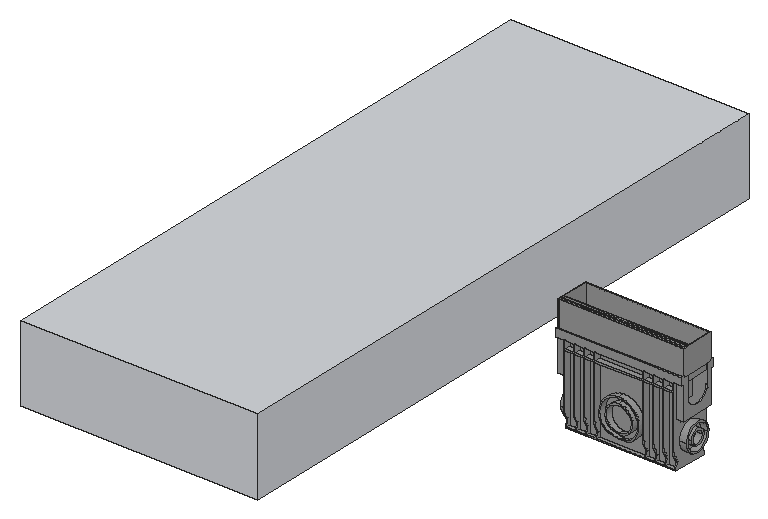
Revit family "PLASTIC SAND TRAP BASE DN100 Slot Drain", category Оборудование, Revit 2019
Family settings
  Основа = Грань
  Размер круглого соединителя = Использовать диаметр
  Тип детали = Нормальный
  При загрузке вырезать с полостями = Нет
  Общий = Да
  Точка расчета площади = Нет
Parameters (values of type "8087")
  Height a Slot Drain (only for 2097-1T-60-100) [instance] = 80 mm
  Slot Drain Revision [instance] = L-type H100 A15 : 209875-L-100 Plastic
  no = No : No
  lattice [instance] = if(Slot Drain Revision = A01, G01, if(Slot Drain Revision = A02, G02, if(Slot Drain Revision = A03, G03, if(Slot Drain Revision = A04, G04, if(Slot Drain Revision = A05, G05, if(Slot Drain Revision = A06, G06, if(Slot Drain Revision = A07, G07, if(Slot Drain Revision = A08, G08, if(Slot Drain Revision = A09, G09, if(Slot Drain Revision = A10, G10, if(Slot Drain Revision = A11, G11, if(Slot Drain Revision = A12, G12, no))))))))))))  # Slot drain Revision L-type H100 for channel Base DN100 plastic A15 : 209875-L-100
  V1G = yes
  G12 = Slot drain Revision L-type H100 for channel Base DN100 plastic A15 : 209975-L-100
  G11 = Slot drain Revision L-type H100 for channel Base DN100 plastic A15 : 209875-L-100
  G10 = Slot drain Revision L-type H25 for channel Base DN100 plastic A15 : 209875-L-25
  G09 = Slot Drain Revision T-type H60-100 for Base DN100 Channel A15-C250 : 20975-1T-60-100
  G08 = Slot Drain Revision T-type H25 for Base DN100 Channel A15 : 20975-1T-25-40
  G07 = Slot Drain Revision T-type H25 for Base DN100 Channel A15 : 20175-1T-25-40
  G06 = Slot Drain Revision T-type H25 Base DN100 Channel A15 : 20975-1T-25
  G05 = Slot Drain Revision T-type H25 Base DN100 Channel A15 : 20175-1T-25
  G04 = Slot Drain Revision T-type H100 Base DN100 Channel A15-C250 : 20975-1T-100
  G03 = Slot Drain Revision T-type H100 Base DN100 Channel A15-C250 : 20175-1T-100
  G02 = Slot Drain Revision L-type H100 Base DN100 Channel A15-C250 : 20975-1L-100
  G01 = Slot Drain Revision L-type H100 Base DN100 Channel A15-C250 : 20175-1L-100
  Dp50 = Dp : 50
  ConnectorFront = TC : Front
  ConnectorRight = TC : Right
  ConnectorLeft = TC : Left
  ConnectorBack = TC : Back
  Connection [instance] = TC : Back
  Channel = Plastic sand trap Base DN100 : 8080
  Connector angle [instance] = if(Connection = ConnectorLeft, 90.00°, if(Connection = ConnectorRight, 270.00°, if(Connection = ConnectorFront, 180.00°, if(Connection = ConnectorBack, 0.00°, 0.00°))))  # 0.00°
  Tray sinking [instance] = if(or(Slot Drain Revision = A01, Slot Drain Revision = A02, Slot Drain Revision = A03, Slot Drain Revision = A04, Slot Drain Revision = A11, Slot Drain Revision = A12), 100 mm, if(or(Slot Drain Revision = A05, Slot Drain Revision = A06, Slot Drain Revision = A07, Slot Drain Revision = A08, Slot Drain Revision = A10), 25 mm, if([Height a Slot Drain (only for 2097-1T-60-100)] < 60 mm, 60 mm, if([Height a Slot Drain (only for 2097-1T-60-100)] > 100 mm, 100 mm, [Height a Slot Drain (only for 2097-1T-60-100)]))))  # 100 mm
  Cap right [instance] = no
  Cap left [instance] = no
  Pipe diameter [instance] = Dp : 110
  Группа модели = "Linear drainage"  # constant formula
  L_line [instance] = if(or(Connection = ConnectorRight, Connection = ConnectorLeft), 78 mm, 250 mm)  # 250 mm
  H_Connector [instance] = if(or(Connection = ConnectorRight, Connection = ConnectorLeft), 250 mm, if(Connection = ConnectorFront, 249.5 mm, if(Connection = ConnectorBack, 282 mm, 0 mm)))  # 282 mm
  Dp160 = Dp : 160
  Dp110 = Dp : 110
  Dp [instance] = if(and(Pipe diameter = Dp160, or(Connection = ConnectorLeft, Connection = ConnectorRight)), 160 mm, if(and(or(Pipe diameter = Dp110, Pipe diameter = Dp50), or(Connection = ConnectorLeft, Connection = ConnectorRight)), 110 mm, if(and(Pipe diameter = Dp50, or(Connection = ConnectorBack, Connection = ConnectorFront)), 50 mm, 110 mm)))  # 110 mm
  CutUp [instance] = ADSK_Dimension_Height + Tray sinking  # 450 mm
  CutDown [instance] = -CutUp  # -450 mm
  Default Elevation = 0 mm
  W2 = 156 mm  # constant formula
  W1 = 160 mm  # constant formula
  Basket [instance] = yes
  ADSK_Weight = 2.6
  ADSK_Unit = "pcs"  # constant formula
  ADSK_Sealant = 11
  ADSK_Product code = "8087"
  ADSK_Position [instance] = ""
  ADSK_Name = "Plastic sand trap Base DN100 H350 reinforced"
  ADSK_Material_Name = "Plastic"  # constant formula
  ADSK_Manufacturer = "Vodaland"  # constant formula
  ADSK_Load class = "C250"
  ADSK_Dimension_Width = 156 mm  # constant formula
  ADSK_Dimension_Lenght = 500 mm
  ADSK_Dimension_Height = 350 mm
  ADSK_Dimension_Diameter = 100 mm  # constant formula
  ADSK_Annotation [instance] = ""
  A12 = L-type H100 A15 : 209975-L-100 Stainless steel
  A11 = L-type H100 A15 : 209875-L-100 Plastic
  A10 = L-type H25 A15 : 209875-L-25 Plastic
  A09 = T-type H60-100 A15-C250 : 20975-1T-60-100 Stainless steel
  A08 = T-type H25 shifted A15 : 20975-1T-25-40 Stainless steel
  A07 = T-type H25 shifted A15 : 20175-1T-25-40 Galvanized Steel
  A06 = T-type H25 A15 : 20975-1T-25 Stainless steel
  A05 = T-type H25 A15 : 20175-1T-25 Galvanized Steel
  A04 = T-type H100 A15-C250 : 20975-1T-100 Stainless steel
  A03 = T-type H100 A15-C250 : 20175-1T-100 Galvanized Steel
  A02 = L-type H100 A15-C250 : 20975-1L-100 Stainless steel
  A01 = L-type H100 A15-C250 : 20175-1L-100 Galvanized Steel
Types (2, lengths in mm): name | CutUp | CutDown | ADSK_Product code | ADSK_Name | ADSK_Dimension_Height
  8080 | 500 | -500 | "8080" | "Plastic sand trap Base DN100 H500" | 400
  8087 | 450 | -450 | "8087" | "Plastic sand trap Base DN100 H350 reinforced" | 350
Reference planes
  plane 1 "По центру (Вперед/Назад)": y = 0
  plane 2: z = 0
  plane 3 "По центру (Влево/Вправо)": x = 0
  plane 4: x = 500
  plane 5: y = 78
  plane 6: y = -78
  plane 7: x = 250
  plane 8: z = -100
  plane 9 "Down": z = -450
  plane 10 "middle": z = -382
Forms (mm)
  Extrusion 1, solid
    sketch origin (0, 0, 0) x (1, 0, 0) y (0, 1, 0)
      loop
        line (-1219.2, 1219.2) -> (-1219.2, -1219.2) -> (-273.066, -1219.2) -> (-273.066, 1219.2) -> (-1219.2, 1219.2)
    from 0 to -304.8
Lines and regions (mm)
  reference lines
    curve 1: line (0, 0, -382) -> (250, 0, -382)
Dimensions and locks
  equal spacing: plane 5, plane 1 "По центру (Вперед/Назад)", plane 6
  "ADSK_Dimension_Width": plane 5 to plane 6
  "ADSK_Dimension_Lenght": plane 3 "По центру (Влево/Вправо)" to plane 4
  equal spacing: plane 3 "По центру (Влево/Вправо)", plane 7, plane 4
  plane 7 to plane 4 = 250 mm
  plane 3 "По центру (Влево/Вправо)" to plane 7 = 250 mm
  "Tray sinking": plane 2 to plane 8
  "CutUp": plane 2 to plane 9 "Down"
  "L_line": curve 1 to curve 1
  "H_Connector": plane 8 to plane 10 "middle"
  "Connector angle": angle plane 1 "По центру (Вперед/Назад)" to curve 1
  aligned and locked: plane 2 to Extrusion 1
  aligned and locked: level to Extrusion 1
  aligned and locked: plane 7 to curve 1
  aligned and locked: nested 1 to curve 1
  aligned and locked: plane 8 to nested 2
  aligned and locked: plane 8 to nested 4
  aligned and locked: plane 8 to nested 5
  aligned and locked: plane 8 to nested 6
Automatic sketch dimensions
  Extrusion 1 sketch curve to Extrusion 1 sketch curve = 946.134 mm
  Extrusion 1 sketch curve to Extrusion 1 sketch curve = 2438.4 mm
  plane 1 "По центру (Вперед/Назад)" to curve 1 = 0 mm
Nested families
  nested 1: "Slot drain Revision L-type H100 for channel Base DN100 plastic A15" at (250, 0, 0), type <- "lattice", ADSK_Dimension_Height <- "Tray sinking", type "209875-L-100"
    with np 0 mm, nm 0 mm, kp 0 mm, km 0 mm, H 105 mm, ADSK_Position "", ADSK_Dimension_Height 100 mm, ADSK_Annotation ""
  nested 2: "Plastic sand trap Base DN100" at (250, 0, -100), type <- "Channel", type "8080"
  nested 3: "Sealant" at (-40, 540, 0), Sealant <- "ADSK_Sealant", type "Sealant"
    with Sealant 11, ADSK_Sealant 0
  nested 4: "Plastic end cap-adapter floating DN100" at (505, 0, -59) x (-1, 0, 0) z (0, 0, 1), visible <- "Cap right", type "68018"
  nested 5: "Plastic end cap-adapter floating DN100" at (-5, 0, -59), visible <- "Cap left", type "68018"
  nested 6: "Basket DN100" at (253.5, 0, -100), visible <- "Basket", type "68091"
    with ADSK_Position "", ADSK_Annotation ""
Connectors
  piping at (0, 0, -382), diameter 110, driven by "Dp"
    settings: on curve 1, index 1, connector inside diameter 609.6 mm, connector length 0 mm, flow factor 0, pipe flow 0.0 L/s, pressure drop 0.0 Pa, fitting loss kfactor 0, connector angle 0.00°, fixture units 0, engagement length 0 mm, angle of deflection 0.00°, flow configuration 0, flow direction 2, fitting loss method 0, system type 7, joint type 0, gender type 0, connector reference index -1, connector utility 0, adjustable connector no, is connector primary yes, connector description ""
Definition of nested family "Slot drain Revision L-type H100 for channel Base DN100 plastic A15"
  Parameters (values of type "209875-L-100")
    np [instance] = 0 mm
    nm [instance] = 0 mm
    kp [instance] = 0 mm
    km [instance] = 0 mm
    W1 = 140 mm  # constant formula
    Model = "Linear drainage"  # constant formula
    Material = none
    L = 500 mm
    H [instance] = ADSK_Dimension_Height + 5 mm  # 105 mm
    ADSK_Weight = 0.4
    ADSK_Unit = "pcs"  # constant formula
    ADSK_Product code = "209875-L-100"
    ADSK_Position [instance] = ""
    ADSK_Name = "Сomposite revision of slot plastic drain L-type H100 for channel Base DN100 A15"
    ADSK_Material_Name = "Plastic"
    ADSK_Manufacturer = "Vodaland"  # constant formula
    ADSK_Load class = "C250"
    ADSK_Dimension_Width = 136 mm  # constant formula
    ADSK_Dimension_Lenght = 449 mm
    ADSK_Dimension_Height [instance] = 100 mm
    ADSK_Annotation [instance] = ""
  Types (2, lengths in mm): name | ADSK_Product code | ADSK_Name | ADSK_Material_Name | ADSK_Load class
    209875-L-100 | "209875-L-100" | "Сomposite revision of slot plastic drain L-type H100 for channel Base DN100 A15" | "Plastic" | "C250"
    209975-L-100 | "209975-L-100" | "Stainless steel revision of slot plastic drain L-type H100 for channel Base DN100 A15-C250" | "Stainless steel" | "A15"
  Reference planes
    plane 1 "По центру (Вперед/Назад)": y = 0
    plane 2: z = 0
    plane 3 "По центру (Влево/Вправо)": x = 0
    plane 4: y = 68
    plane 5: y = -68
    plane 6: z = -105
    plane 7: x = -250
    plane 8: x = 250
    plane 9: x = 250
    plane 10: x = -250
    plane 11: x = -250
    plane 12: x = 250
    plane 13: x = -250
    plane 14: x = 250
    plane 15: y = 70
    plane 16: y = -70
  Forms (mm)
    Extrusion 1, solid, material <- "Material", detail levels medium+fine
      sketch origin (0, 0, 0) x (0, 1, 0) y (0, 0, 1)
        loop
          line (-68, -105) -> (68, -105) -> (68, -103) -> (-40.875, -103) -> (-40.875, 0) -> (-57.875, 0) -> (-57.875, -103) -> (-68, -103) -> (-68, -105)
      from -250 to 250
    Extrusion 2, void
      sketch origin (0, 0, 0) x (1, 0, 0) y (0, 1, 0)
        loop
          line (-2.875, -44.196) -> (-247.25, -44.196) -> (-247.25, -54.554) -> (-2.875, -54.554) -> (-2.875, -44.196)
        loop
          line (2.875, -44.196) -> (2.875, -54.554) -> (247.25, -54.554) -> (247.25, -44.196) -> (2.875, -44.196)
      from -200 to 100
    Extrusion 3, solid, material <- "Material", detail levels medium+fine
      sketch origin (0, 0, 0) x (1, 0, 0) y (0, 0, 1)
        loop
          line (247.25, -105) -> (245.25, -105) -> (245.25, -130) -> (247.25, -130) -> (247.25, -105)
        loop
          line (1, -105) -> (-1, -105) -> (-1, -130) -> (1, -130) -> (1, -105)
        loop
          line (-247.25, -105) -> (-247.25, -130) -> (-245.25, -130) -> (-245.25, -105) -> (-247.25, -105)
      from -47 to 47
    Extrusion 4, void
      sketch origin (0, 0, 0) x (1, 0, 0) y (0, 1, 0)
        loop
          line (-250, 70) -> (-435.805, 70) -> (-435.805, -70) -> (-250, -70) -> (-250, 70)
      from -200 to 100
    Extrusion 5, void
      sketch origin (0, 0, 0) x (1, 0, 0) y (0, 1, 0)
        loop
          line (250, 70) -> (250, -70) -> (484.759, -70) -> (484.759, 70) -> (250, 70)
      from -200 to 100
    Extrusion 6, solid, material <- "Material", detail levels medium+fine
      sketch origin (0, 0, 0) x (1, 0, 0) y (0, 1, 0)
        loop
          line (-250, 68) -> (-250, -70) -> (250, -70) -> (250, 68) -> (-250, 68)
        loop
          line (-247.25, -68) -> (247.25, -68) -> (247.25, 64.75) -> (-247.25, 64.75) -> (-247.25, -68)
      from -103 to 0
    Extrusion 7, solid, detail levels coarse
      sketch origin (0, 0, 0) x (1, 0, 0) y (0, 1, 0)
        loop
          line (-250, 68) -> (-250, -68) -> (250, -68) -> (250, 68) -> (-250, 68)
      from -105 to 0
  Cuts and joins
    Extrusion 2, Extrusion 4, Extrusion 5 cuts Extrusion 1
    Extrusion 4, Extrusion 5 cuts Extrusion 3
    joined: Extrusion 1, Extrusion 3, Extrusion 6
    Extrusion 4, Extrusion 5 cuts Extrusion 7
  Dimensions and locks
    equal spacing: plane 4, plane 1 "По центру (Вперед/Назад)", plane 5
    "ADSK_Dimension_Width": plane 4 to plane 5
    "H": plane 2 to plane 6
    Extrusion 1 sketch curve to Extrusion 1 sketch curve = 17 mm
    equal spacing: Extrusion 1 sketch curve, Extrusion 1 sketch curve, plane 1 "По центру (Вперед/Назад)"
    equal spacing: plane 7, plane 3 "По центру (Влево/Вправо)", plane 8
    "L": plane 7 to plane 8
    equal spacing: plane 11, plane 3 "По центру (Влево/Вправо)", plane 12
    "L": plane 11 to plane 12
    equal spacing: plane 15, plane 1 "По центру (Вперед/Назад)", plane 16
    "W1": plane 15 to plane 16
    "np": plane 11 to plane 10
    "nm": plane 11 to plane 13
    "km": plane 9 to plane 12
    "kp": plane 14 to plane 12
    Extrusion 1 sketch curve to plane 5 = 10.125 mm
    plane 3 "По центру (Влево/Вправо)" to Extrusion 3 sketch curve = 1 mm
    aligned and locked: level to plane 2
    aligned and locked: Extrusion 1 sketch curve to plane 5
    aligned and locked: plane 4 to Extrusion 1 sketch curve
    aligned and locked: Extrusion 1 sketch curve to plane 6
    aligned and locked: Extrusion 4 sketch curve to plane 15
    aligned and locked: Extrusion 4 sketch curve to plane 16
    aligned and locked: plane 15 to Extrusion 5 sketch curve
    aligned and locked: plane 16 to Extrusion 5 sketch curve
    aligned and locked: plane 5 to Extrusion 7 sketch curve
    aligned and locked: Extrusion 7 sketch curve to plane 4
    aligned and locked: Extrusion 7 sketch curve to plane 8
    aligned and locked: plane 7 to Extrusion 7 sketch curve
    aligned and locked: plane 2 to cut or joined group of Extrusion 4, Extrusion 5, Extrusion 7
    aligned and locked: cut or joined group of Extrusion 4, Extrusion 5, Extrusion 7 to plane 6
  Automatic sketch dimensions
    Extrusion 1 sketch curve to level = 0 mm
    Extrusion 1 sketch curve to Extrusion 1 sketch curve = 2 mm  (x2)
    Extrusion 4 sketch curve to plane 10 = 0 mm
    Extrusion 4 sketch curve to plane 13 = 0 mm
    Extrusion 4 sketch curve to plane 11 = 185.805 mm
    Extrusion 5 sketch curve to plane 14 = 0 mm
    Extrusion 5 sketch curve to plane 9 = 0 mm
    plane 12 to Extrusion 5 sketch curve = 234.759 mm
    Extrusion 2 sketch curve to plane 3 "По центру (Влево/Вправо)" = 2.875 mm
    plane 3 "По центру (Влево/Вправо)" to Extrusion 2 sketch curve = 2.875 mm
    plane 5 to Extrusion 2 sketch curve = 23.804 mm
    Extrusion 2 sketch curve to Extrusion 2 sketch curve = 244.375 mm  (x2)
    Extrusion 3 sketch curve to plane 6 = 0 mm  (x3)
    Extrusion 3 sketch curve to Extrusion 3 sketch curve = 2 mm  (x3)
    Extrusion 3 sketch curve to plane 6 = 25 mm  (x3)
    Extrusion 3 sketch curve to Extrusion 3 sketch curve = 244.25 mm
    Extrusion 2 sketch curve to Extrusion 2 sketch curve = 10.357 mm  (x2)
    plane 5 to Extrusion 2 sketch curve = 13.446 mm
    plane 3 "По центру (Влево/Вправо)" to Extrusion 3 sketch curve = 245.25 mm
    Extrusion 6 sketch curve to plane 7 = 0 mm
    Extrusion 6 sketch curve to plane 5 = 0 mm
    Extrusion 6 sketch curve to plane 4 = 0 mm
    Extrusion 6 sketch curve to plane 8 = 0 mm
    plane 16 to Extrusion 6 sketch curve = 0 mm
    plane 7 to Extrusion 6 sketch curve = 2.75 mm
    Extrusion 6 sketch curve to plane 8 = 2.75 mm
    Extrusion 6 sketch curve to plane 4 = 3.25 mm
Definition of nested family "Plastic sand trap Base DN100"
  Parameters (values of type "8080")
    US = no
    S = 156 mm  # constant formula
    Rl = 72 mm
    R2 = R1 + 5 mm  # 54 mm
    R1 = 49 mm
    Material2 = none
    Material = none
    L = 500 mm  # constant formula
    Hпос = 5 mm  # constant formula
    H2 = 138 mm
    H1 = 123 mm
    H = 344 mm
    DN = 100 mm  # constant formula
  Reference planes
    plane 1 "По центру (Вперед/Назад)": y = 0
    plane 2 "Up": z = 0
    plane 3 "По центру (Влево/Вправо)": x = 0
    plane 4 "L": x = -250
    plane 5 "R": x = 250
    plane 6 "Down": z = -349
    plane 7 "D": y = -78
    plane 8 "U": y = 78
    plane 9: z = -5
    plane 10: y = -50
    plane 11: y = 50
    plane 12: z = -128
    plane 13: y = 68
    plane 14: y = -68
    plane 15: z = -25
    plane 16: z = -163
  Forms (mm)
    Blend 1, void
      base sketch origin (-250, 0, 0) x (0, 1, 0) y (0, 0, 1)
        loop
          line (50, -5) -> (-50, -5) -> (-50, -79)
          arc (-50, -79) -> (-35.648, -113.648) -> (-1, -128) r 49
          line (-1, -128) -> (1, -128)
          arc (1, -128) -> (35.648, -113.648) -> (50, -79) r 49
          line (50, -79) -> (50, -5)
      top sketch origin (-250, 0, 0) x (0, 1, 0) y (0, 0, 1)
        loop
          line (50, -5) -> (-50, -5) -> (-50, -79)
          arc (-50, -79) -> (-35.648, -113.648) -> (-1, -128) r 49
          line (-1, -128) -> (1, -128)
          arc (1, -128) -> (35.648, -113.648) -> (50, -79) r 49
          line (50, -79) -> (50, -5)
      from 0 to 1000
    Extrusion 2, solid, material <- "Material2", visible <- "US", detail levels medium+fine
      sketch origin (-250, 1.25, 0) x (0, 1, 0) y (0, 0, 1)
        loop
          line (-69.312, -5) -> (-51.25, -5) -> (-51.25, -10) -> (-50.25, -10) -> (-50.25, -4) -> (-68.312, -4) -> (-68.312, 0) -> (-69.312, 0) -> (-69.312, -5)
        loop
          line (66.812, -5) -> (66.812, 0) -> (65.812, 0) -> (65.812, -4) -> (47.75, -4) -> (47.75, -10) -> (48.75, -10) -> (48.75, -5) -> (66.812, -5)
      from 0 to 500
    Extrusion 3, solid, material <- "Material", detail levels medium+fine
      sketch origin (-250, 0, 0) x (0, 1, 0) y (0, 0, 1)
        loop
          line (-78, 0) -> (-78, -349) -> (78, -349) -> (78, 0) -> (68, 0) -> (68, -5) -> (-68, -5) -> (-68, 0) -> (-78, 0)
      from 0 to 500
    Extrusion 4, void, detail levels medium+fine
      sketch origin (0, -78, 0) x (0, 0, 1) y (1, 0, 0)
        loop
          line (-344, -215) -> (-67.5, -215) -> (-67.5, -180) -> (-344, -180) -> (-344, -215)
        loop
          line (-344, -175) -> (-67.5, -175) -> (-67.5, -140) -> (-344, -140) -> (-344, -175)
        loop
          line (-67.5, -135) -> (-67.5, -100) -> (-344, -100) -> (-344, -135) -> (-67.5, -135)
        loop
          line (-67.5, 215) -> (-344, 215) -> (-344, 180) -> (-67.5, 180) -> (-67.5, 215)
        loop
          line (-67.5, 175) -> (-344, 175) -> (-344, 140) -> (-67.5, 140) -> (-67.5, 175)
        loop
          line (-67.5, 135) -> (-344, 135) -> (-344, 100) -> (-67.5, 100) -> (-67.5, 135)
        loop
          line (-67.5, 95) -> (-344, 95) -> (-344, -95) -> (-67.5, -95) -> (-67.5, 95)
        loop
          circle (-237.07, 0) r 75
        loop
          circle (-237.07, 0) r 80
        loop
          circle (-237.07, 0) r 55
        loop
          circle (-237.07, 0) r 50
        loop
          line (-30, -215) -> (-30, -180) -> (-62.5, -180) -> (-62.5, -215) -> (-30, -215)
        loop
          line (-30, -175) -> (-30, -140) -> (-62.5, -140) -> (-62.5, -175) -> (-30, -175)
        loop
          line (-30, -135) -> (-30, -100) -> (-62.5, -100) -> (-62.5, -135) -> (-30, -135)
        loop
          line (-30, -95) -> (-30, 95) -> (-62.5, 95) -> (-62.5, -95) -> (-30, -95)
        loop
          line (-30, 100) -> (-30, 135) -> (-62.5, 135) -> (-62.5, 100) -> (-30, 100)
        loop
          line (-30, 140) -> (-30, 175) -> (-62.5, 175) -> (-62.5, 140) -> (-30, 140)
        loop
          line (-30, 180) -> (-30, 215) -> (-62.5, 215) -> (-62.5, 180) -> (-30, 180)
      from 0 to 25
    Extrusion 5, void, detail levels medium+fine
      sketch origin (0, 78, 0) x (0, 0, 1) y (1, 0, 0)
        loop
          line (-30, -215) -> (-30, -180) -> (-62.5, -180) -> (-62.5, -215) -> (-30, -215)
        loop
          line (-30, -175) -> (-30, -140) -> (-62.5, -140) -> (-62.5, -175) -> (-30, -175)
        loop
          line (-30, -135) -> (-30, -100) -> (-62.5, -100) -> (-62.5, -135) -> (-30, -135)
        loop
          line (-30, -95) -> (-30, 95) -> (-62.5, 95) -> (-62.5, -95) -> (-30, -95)
        loop
          line (-30, 100) -> (-30, 135) -> (-62.5, 135) -> (-62.5, 100) -> (-30, 100)
        loop
          line (-30, 140) -> (-30, 175) -> (-62.5, 175) -> (-62.5, 140) -> (-30, 140)
        loop
          line (-30, 180) -> (-30, 215) -> (-62.5, 215) -> (-62.5, 180) -> (-30, 180)
        loop
          line (-67.5, -215) -> (-67.5, -180) -> (-344, -180) -> (-344, -215) -> (-67.5, -215)
        loop
          line (-67.5, -135) -> (-67.5, -100) -> (-344, -100) -> (-344, -135) -> (-67.5, -135)
        loop
          line (-67.5, -175) -> (-67.5, -140) -> (-344, -140) -> (-344, -175) -> (-67.5, -175)
        loop
          line (-67.5, 100) -> (-67.5, 135) -> (-344, 135) -> (-344, 100) -> (-67.5, 100)
        loop
          line (-67.5, -95) -> (-67.5, 95) -> (-344, 95) -> (-344, -95) -> (-67.5, -95)
        loop
          line (-67.5, 140) -> (-67.5, 175) -> (-344, 175) -> (-344, 140) -> (-67.5, 140)
        loop
          line (-67.5, 180) -> (-67.5, 215) -> (-344, 215) -> (-344, 180) -> (-67.5, 180)
        loop
          circle (-236.358, 0) r 80
        loop
          circle (-236.358, 0) r 74.788
        loop
          circle (-236.358, 0) r 54.788
        loop
          circle (-236.358, 0) r 49.788
      from 0 to -25
    Extrusion 6, void, detail levels medium+fine
      sketch origin (250, 0, 0) x (0, 1, 0) y (0, 0, 1)
        loop
          line (-78, -30) -> (-78, -349) -> (78, -349) -> (78, -30) -> (68, -30) -> (68, -163) -> (-68, -163) -> (-68, -30) -> (-78, -30)
        loop
          circle (0, -246.5) r 55
        loop
          circle (0, -246.5) r 50
        loop
          circle (0, -246.5) r 30
        loop
          circle (0, -246.5) r 25
      from 0 to -30
    Extrusion 7, void, detail levels medium+fine
      sketch origin (-250, 0, 0) x (0, 1, 0) y (0, 0, 1)
        loop
          line (78, -30) -> (68, -30) -> (68, -163) -> (-68, -163) -> (-68, -30) -> (-78, -30) -> (-78, -349) -> (78, -349) -> (78, -30)
        loop
          circle (0, -285.25) r 55
        loop
          circle (0, -285.25) r 50
        loop
          circle (0, -285.25) r 30
        loop
          circle (0, -285.25) r 25
      from 0 to 30
    Extrusion 8, void, detail levels medium+fine
      sketch origin (0, 0, -349) x (0, -1, 0) y (1, 0, 0)
        loop
          line (-50, -215) -> (50, -215) -> (50, 215) -> (-50, 215) -> (-50, -215)
      from 5 to 384
    Extrusion 9, void
      sketch origin (250, 0, 0) x (0, 1, 0) y (0, 0, 1)
        loop
          line (-117.723, -250.329) -> (-117.723, -349) -> (-68, -349) -> (-68, -336)
          arc (-68, -336) -> (-62.085, -325.599) -> (-65.041, -314.004) r 15.994
          arc (-65.041, -314.004) -> (-74.687, -293.977) -> (-78, -271.997) r 74.564
          line (-78, -271.997) -> (-78, -250.329) -> (-117.723, -250.329)
        loop
          line (117.723, -250.329) -> (78, -250.329) -> (78, -271.997)
          arc (78, -271.997) -> (74.687, -293.977) -> (65.041, -314.004) r 74.564
          arc (65.041, -314.004) -> (62.085, -325.599) -> (68, -336) r 15.994
          line (68, -336) -> (68, -349) -> (117.723, -349) -> (117.723, -250.329)
      from -500 to 500
    Extrusion 10, void, detail levels medium+fine
      sketch origin (0, 0, 0) x (1, 0, 0) y (0, 1, 0)
        loop
          line (-245, 50) -> (-245, -50) -> (245, -50) -> (245, 50) -> (-245, 50)
      from 0 to -186
    Extrusion 11, solid, detail levels coarse
      sketch origin (0, 0, -349) x (0, -1, 0) y (1, 0, 0)
        loop
          line (-78, -250) -> (78, -250) -> (78, 250) -> (-78, 250) -> (-78, -250)
      from 0 to 349
  Cuts and joins
    Blend 1, Extrusion 4, Extrusion 5, Extrusion 6, Extrusion 7, Extrusion 8, Extrusion 9, Extrusion 10 cuts Extrusion 3
  Dimensions and locks
    equal spacing: plane 4 "L", plane 3 "По центру (Влево/Вправо)", plane 5 "R"
    "L": plane 4 "L" to plane 5 "R"
    "S": plane 7 "D" to plane 8 "U"
    equal spacing: plane 7 "D", plane 1 "По центру (Вперед/Назад)", plane 8 "U"
    "Hпос": plane 2 "Up" to plane 9
    "DN": plane 10 to plane 11
    equal spacing: plane 10, plane 1 "По центру (Вперед/Назад)", plane 11
    "H1": plane 9 to plane 12
    "H": plane 9 to plane 6 "Down"
    equal spacing: plane 13, plane 1 "По центру (Вперед/Назад)", plane 14
    locked: plane 13 to plane 14 at 136
    locked: plane 9 to plane 15 at 20
    "H2": plane 15 to plane 16
    Extrusion 4 sketch curve to plane 6 "Down" = 111.93 mm
    Extrusion 4 sketch curve to Extrusion 4 sketch curve to Extrusion 4 sketch curve = 5 mm, 32.5 mm
    Extrusion 6 sketch curve to plane 6 "Down" = 102.5 mm
    Extrusion 7 sketch curve to plane 6 "Down" = 63.75 mm
    "R1": radius of Blend 1 sketch curve  (x4)
    aligned and locked: level to plane 2 "Up"
    aligned and locked: Blend 1 sketch curve to plane 11  (x2)
    aligned and locked: Blend 1 sketch curve to plane 10  (x2)
    aligned and locked: Blend 1 sketch curve to plane 9  (x2)
    aligned and locked: plane 12 to Blend 1 sketch curve
    aligned and locked: Extrusion 3 to plane 7 "D"
    aligned and locked: Extrusion 3 to plane 8 "U"
    aligned and locked: plane 2 "Up" to Extrusion 3  (x2)
    aligned and locked: Extrusion 3 sketch curve to plane 14
    aligned and locked: plane 13 to Extrusion 3 sketch curve
    aligned and locked: Extrusion 3 sketch curve to plane 9
    aligned and locked: Extrusion 3 sketch curve to plane 6 "Down"
    aligned and locked: plane 5 "R" to cut or joined group of Blend 1, Extrusion 3, Extrusion 4, Extrusion 5, Extrusion 6, Extrusion 7, Extrusion 8, Extrusion 9, Extrusion 10
    aligned and locked: Extrusion 9 sketch curve to plane 6 "Down"
    aligned and locked: plane 6 "Down" to Extrusion 9 sketch curve
    aligned and locked: Extrusion 9 sketch curve to plane 14
    aligned and locked: Extrusion 9 sketch curve to plane 13
    aligned and locked: Extrusion 11 sketch curve to plane 5 "R"
    aligned and locked: plane 4 "L" to Extrusion 11 sketch curve
    aligned and locked: Extrusion 11 sketch curve to plane 8 "U"
    aligned and locked: plane 7 "D" to Extrusion 11 sketch curve
    aligned and locked: Extrusion 11 to plane 6 "Down"
    aligned and locked: plane 2 "Up" to Extrusion 11
  Automatic sketch dimensions
    Extrusion 2 sketch curve to level = 0 mm  (x2)
    Extrusion 2 sketch curve to plane 9 = 0 mm  (x2)
    plane 14 to Extrusion 2 sketch curve = 0.938 mm
    Extrusion 2 sketch curve to plane 10 = 0 mm
    Extrusion 2 sketch curve to plane 11 = 0 mm
    Extrusion 2 sketch curve to plane 13 = 0.938 mm
    Extrusion 2 sketch curve to plane 14 = 0.062 mm
    Extrusion 2 sketch curve to plane 10 = 1 mm
    Extrusion 2 sketch curve to Extrusion 2 sketch curve = 1 mm
    plane 13 to Extrusion 2 sketch curve = 0.062 mm
    Extrusion 2 sketch curve to plane 9 = 5 mm  (x2)
    plane 9 to Extrusion 2 sketch curve = 1 mm  (x2)
    Extrusion 3 sketch curve to level = 0 mm  (x2)
    Extrusion 3 sketch curve to plane 7 "D" = 0 mm
    Extrusion 3 sketch curve to plane 8 "U" = 0 mm
    Extrusion 4 sketch curve to Extrusion 4 sketch curve = 0 mm  (x26)
    Extrusion 4 sketch curve to plane 3 "По центру (Влево/Вправо)" = 0 mm
    plane 6 "Down" to Extrusion 4 sketch curve = 5 mm  (x4)
    plane 12 to Extrusion 4 sketch curve = 60.5 mm
    Extrusion 4 sketch curve to Extrusion 4 sketch curve = 5 mm  (x13)
    Extrusion 4 sketch curve to plane 15 = 5 mm  (x4)
    Extrusion 4 sketch curve to plane 3 "По центру (Влево/Вправо)" = 95 mm  (x2)
    Extrusion 4 sketch curve to Extrusion 4 sketch curve = 35 mm  (x7)
    plane 3 "По центру (Влево/Вправо)" to Extrusion 4 sketch curve = 95 mm
    Extrusion 4 sketch curve to plane 5 "R" = 35 mm  (x2)
    Extrusion 5 sketch curve to Extrusion 5 sketch curve = 0 mm  (x32)
    Extrusion 5 sketch curve to plane 3 "По центру (Влево/Вправо)" = 0 mm
    plane 6 "Down" to Extrusion 5 sketch curve = 5 mm  (x5)
    Extrusion 5 sketch curve to plane 16 = 73.358 mm
    plane 12 to Extrusion 5 sketch curve = 60.5 mm  (x2)
    Extrusion 5 sketch curve to Extrusion 5 sketch curve = 5 mm  (x15)
    Extrusion 5 sketch curve to plane 15 = 5 mm  (x3)
    Extrusion 5 sketch curve to plane 3 "По центру (Влево/Вправо)" = 95 mm  (x2)
    Extrusion 5 sketch curve to Extrusion 5 sketch curve = 35 mm  (x7)
    plane 4 "L" to Extrusion 5 sketch curve = 35 mm
    plane 3 "По центру (Влево/Вправо)" to Extrusion 5 sketch curve = 95 mm
    Extrusion 6 sketch curve to Extrusion 6 sketch curve = 0 mm  (x9)
    Extrusion 6 sketch curve to plane 7 "D" = 0 mm
    Extrusion 6 sketch curve to plane 14 = 0 mm
    Extrusion 6 sketch curve to plane 1 "По центру (Вперед/Назад)" = 0 mm
    Extrusion 6 sketch curve to plane 13 = 0 mm
    Extrusion 6 sketch curve to plane 8 "U" = 0 mm
    Extrusion 6 sketch curve to plane 6 "Down" = 0 mm
    Extrusion 6 sketch curve to plane 16 = 0 mm
    Extrusion 6 sketch curve to plane 15 = 5 mm  (x2)
    Extrusion 7 sketch curve to Extrusion 7 sketch curve = 0 mm  (x6)
    Extrusion 7 sketch curve to plane 7 "D" = 0 mm
    Extrusion 7 sketch curve to plane 14 = 0 mm
    Extrusion 7 sketch curve to plane 1 "По центру (Вперед/Назад)" = 0 mm
    Extrusion 7 sketch curve to plane 13 = 0 mm
    Extrusion 7 sketch curve to plane 8 "U" = 0 mm
    Extrusion 7 sketch curve to plane 6 "Down" = 0 mm
    Extrusion 7 sketch curve to plane 16 = 0 mm
    Extrusion 7 sketch curve to plane 15 = 5 mm  (x2)
    plane 11 to Extrusion 8 sketch curve = 0 mm
    Extrusion 8 sketch curve to plane 10 = 0 mm
    plane 4 "L" to Extrusion 8 sketch curve = 35 mm
    Extrusion 8 sketch curve to plane 5 "R" = 35 mm
    Extrusion 9 sketch curve to plane 7 "D" = 0 mm
    Extrusion 9 sketch curve to plane 8 "U" = 0 mm
    Extrusion 9 sketch curve to plane 7 "D" = 39.723 mm
    plane 7 "D" to Extrusion 9 sketch curve = 0.064 mm
    plane 1 "По центру (Вперед/Назад)" to Extrusion 9 sketch curve = 3.436 mm
    Extrusion 9 sketch curve to plane 1 "По центру (Вперед/Назад)" = 3.436 mm
    Extrusion 9 sketch curve to plane 8 "U" = 0.064 mm
    plane 8 "U" to Extrusion 9 sketch curve = 39.723 mm
    plane 6 "Down" to Extrusion 9 sketch curve = 13 mm
    Extrusion 9 sketch curve to Extrusion 9 sketch curve = 13 mm
    Extrusion 9 sketch curve to Extrusion 9 sketch curve = 12.534 mm  (x2)
    Extrusion 9 sketch curve to Extrusion 9 sketch curve = 51.47 mm  (x2)
    Extrusion 9 sketch curve to Extrusion 9 sketch curve = 21.668 mm  (x2)
    plane 4 "L" to Extrusion 10 sketch curve = 5 mm
    Extrusion 10 sketch curve to plane 5 "R" = 5 mm
    Extrusion 10 sketch curve to plane 10 = 0 mm
    plane 11 to Extrusion 10 sketch curve = 0 mm
    Blend 1 sketch curve to plane 12 = 0 mm
    radius of Extrusion 4 sketch curve = 75 mm
    radius of Extrusion 4 sketch curve = 80 mm
    radius of Extrusion 4 sketch curve = 55 mm
    radius of Extrusion 4 sketch curve = 50 mm
    radius of Extrusion 5 sketch curve = 80 mm
    radius of Extrusion 5 sketch curve = 74.788 mm
    radius of Extrusion 5 sketch curve = 54.788 mm
    radius of Extrusion 5 sketch curve = 49.788 mm
    radius of Extrusion 6 sketch curve = 55 mm
    radius of Extrusion 6 sketch curve = 50 mm
    radius of Extrusion 6 sketch curve = 30 mm
    radius of Extrusion 6 sketch curve = 25 mm
    radius of Extrusion 7 sketch curve = 55 mm
    radius of Extrusion 7 sketch curve = 50 mm
    radius of Extrusion 7 sketch curve = 30 mm
    radius of Extrusion 7 sketch curve = 25 mm
Definition of nested family "Plastic end cap-adapter floating DN100"
  Parameters (values of type "68018")
    Model = "Linear drainage"  # constant formula
    W = 125.8 mm
    Material = none
    L = 5 mm
    H [instance] = 185.5 mm
    ADSK_Weight = 0.078
    ADSK_Unit = "pcs"  # constant formula
    ADSK_Product code = "68018"
    ADSK_Position [instance] = ""
    ADSK_Name = "Plastic end cap-adapter floating for plastic sand trap Base DN100"
    ADSK_Material_Name = "Plastic"  # constant formula
    ADSK_Manufacturer = "Vodaland"  # constant formula
    ADSK_Annotation [instance] = ""
  Reference planes
    plane 1 "По центру (Вперед/Назад)": y = 0
    plane 2: z = -41
    plane 3 "По центру (Влево/Вправо)": x = 0
    plane 4: y = 62.9
    plane 5: y = -62.9
    plane 6: x = -2.5
    plane 7: z = -226.5
    plane 8: x = -20
    plane 9: x = 5
    plane 10: z = -314
  Forms (mm)
    Extrusion 1, solid, material <- "Material", detail levels medium+fine
      sketch origin (0, 0, 0) x (0, 1, 0) y (0, 0, 1)
        loop
          line (56.146, -61.5) -> (54.637, -61.5)
          arc (54.637, -61.5) -> (53.933, -61.79) -> (53.637, -62.491) r 1
          line (53.637, -62.491) -> (52.8, -158.409)
          arc (52.8, -158.409) -> (0, -210.75) -> (-52.8, -158.409) r 52.802
          line (-52.8, -158.409) -> (-53.637, -62.491)
          arc (-53.637, -62.491) -> (-53.933, -61.79) -> (-54.637, -61.5) r 1
          line (-54.637, -61.5) -> (-56.146, -61.5) -> (-55.3, -158.431)
          arc (-55.3, -158.431) -> (0, -213.25) -> (55.3, -158.431) r 55.302
          line (55.3, -158.431) -> (56.146, -61.5)
      from 0 to -9.937
    Extrusion 2, solid, material <- "Material", detail levels medium+fine
      sketch origin (0, 0, 0) x (0, 1, 0) y (0, 0, 1)
        loop
          line (55.3, -158.431) -> (56.146, -61.5) -> (54.637, -61.5)
          arc (54.637, -61.5) -> (53.933, -61.79) -> (53.637, -62.491) r 1
          line (53.637, -62.491) -> (52.8, -158.409)
          arc (52.8, -158.409) -> (0, -210.75) -> (-52.8, -158.409) r 52.802
          line (-52.8, -158.409) -> (-53.637, -62.491)
          arc (-53.637, -62.491) -> (-53.933, -61.79) -> (-54.637, -61.5) r 1
          line (-54.637, -61.5) -> (-56.146, -61.5) -> (-55.3, -158.431)
          arc (-55.3, -158.431) -> (0, -213.25) -> (55.3, -158.431) r 55.302
      from -9.937 to -20
    Extrusion 3, solid, material <- "Material", detail levels medium+fine
      sketch origin (0, 0, 0) x (0, 1, 0) y (0, 0, 1)
        loop
          line (56.15, -41) -> (54, -41)
          arc (54, -41) -> (52.586, -41.586) -> (52, -43) r 2
          line (52, -43) -> (52, -51) -> (50.262, -51) -> (48.843, -159.378)
          arc (48.843, -159.378) -> (34.566, -192.913) -> (0.847, -206.75) r 48
          line (0.847, -206.75) -> (-0.847, -206.75)
          arc (-0.847, -206.75) -> (-34.566, -192.913) -> (-48.843, -159.378) r 48
          line (-48.843, -159.378) -> (-50.262, -51) -> (-52, -51) -> (-52, -43)
          arc (-52, -43) -> (-52.586, -41.586) -> (-54, -41) r 2
          line (-54, -41) -> (-56.15, -41) -> (-62.9, -41) -> (-62.9, -58)
          arc (-62.9, -58) -> (-62.754, -58.354) -> (-62.4, -58.5) r 0.5
          line (-62.4, -58.5) -> (-61.4, -58.5) -> (-61.4, -61.013) -> (-59.956, -226.5) -> (59.956, -226.5) -> (61.4, -61.013) -> (61.4, -58.5) -> (62.4, -58.5)
          arc (62.4, -58.5) -> (62.754, -58.354) -> (62.9, -58) r 0.5
          line (62.9, -58) -> (62.9, -41) -> (56.15, -41)
      from 0 to 5
  Cuts and joins
    joined: Extrusion 1, Extrusion 2
  Dimensions and locks
    plane 6 to plane 3 "По центру (Влево/Вправо)" = 2.5 mm
    equal spacing: plane 4, plane 1 "По центру (Вперед/Назад)", plane 5
    "W": plane 4 to plane 5
    "H": level to plane 7
    plane 8 to plane 3 "По центру (Влево/Вправо)" = 20 mm
    plane 3 "По центру (Влево/Вправо)" to Extrusion 1 = 9.937 mm
    plane 3 "По центру (Влево/Вправо)" to plane 8 = 20 mm
    plane 9 to plane 3 "По центру (Влево/Вправо)" = 5 mm
    plane 2 to plane 10 = 273 mm
    aligned and locked: level to plane 2
    aligned and locked: Extrusion 2 to plane 8
    aligned and locked: Extrusion 2 to Extrusion 1
    aligned and locked: plane 3 "По центру (Влево/Вправо)" to Extrusion 1
    aligned and locked: plane 9 to Extrusion 3
  Automatic sketch dimensions
    Extrusion 2 sketch curve to Extrusion 2 sketch curve = 0 mm  (x2)
    Extrusion 2 sketch curve to plane 1 "По центру (Вперед/Назад)" = 0 mm
    plane 5 to Extrusion 2 sketch curve = 10.1 mm
    plane 5 to Extrusion 2 sketch curve = 9.263 mm
    Extrusion 2 sketch curve to Extrusion 2 sketch curve = 1 mm  (x2)
    Extrusion 2 sketch curve to Extrusion 2 sketch curve = 2.5 mm  (x2)
    Extrusion 2 sketch curve to Extrusion 2 sketch curve = 1.509 mm  (x2)
    Extrusion 2 sketch curve to plane 4 = 10.1 mm
    Extrusion 2 sketch curve to plane 4 = 9.263 mm
    plane 7 to Extrusion 2 sketch curve = 68.069 mm
    Extrusion 2 sketch curve to Extrusion 2 sketch curve = 0.022 mm
    Extrusion 2 sketch curve to Extrusion 2 sketch curve = 0.461 mm
    Extrusion 2 sketch curve to level = 21.5 mm  (x2)
    Extrusion 2 sketch curve to Extrusion 2 sketch curve = 0.009 mm  (x2)
    Extrusion 1 sketch curve to Extrusion 1 sketch curve = 0 mm  (x2)
    Extrusion 1 sketch curve to plane 1 "По центру (Вперед/Назад)" = 0 mm
    plane 5 to Extrusion 1 sketch curve = 10.1 mm
    plane 5 to Extrusion 1 sketch curve = 9.263 mm
    Extrusion 1 sketch curve to Extrusion 1 sketch curve = 1 mm  (x3)
    Extrusion 1 sketch curve to Extrusion 1 sketch curve = 2.5 mm  (x2)
    Extrusion 1 sketch curve to Extrusion 1 sketch curve = 1.509 mm  (x2)
    Extrusion 1 sketch curve to plane 4 = 10.1 mm
    Extrusion 1 sketch curve to plane 4 = 8.263 mm
    plane 7 to Extrusion 1 sketch curve = 68.069 mm
    Extrusion 1 sketch curve to Extrusion 1 sketch curve = 0.022 mm
    Extrusion 1 sketch curve to Extrusion 1 sketch curve = 0.461 mm
    Extrusion 1 sketch curve to level = 21.5 mm  (x2)
    Extrusion 1 sketch curve to Extrusion 1 sketch curve = 0.009 mm
    Extrusion 3 sketch curve to plane 5 = 0 mm
    Extrusion 3 sketch curve to plane 7 = 0 mm
    Extrusion 3 sketch curve to level = 0 mm  (x2)
    Extrusion 3 sketch curve to plane 4 = 0 mm
    plane 5 to Extrusion 3 sketch curve = 0.5 mm
    plane 5 to Extrusion 3 sketch curve = 1.5 mm
    plane 5 to Extrusion 3 sketch curve = 2.944 mm
    plane 5 to Extrusion 3 sketch curve = 6.75 mm
    Extrusion 3 sketch curve to Extrusion 3 sketch curve = 2.15 mm  (x2)
    Extrusion 3 sketch curve to Extrusion 3 sketch curve = 2 mm  (x2)
    Extrusion 3 sketch curve to Extrusion 3 sketch curve = 1.738 mm  (x2)
    plane 5 to Extrusion 3 sketch curve = 14.057 mm
    plane 1 "По центру (Вперед/Назад)" to Extrusion 3 sketch curve = 0.847 mm
    Extrusion 3 sketch curve to plane 1 "По центру (Вперед/Назад)" = 0.847 mm
    Extrusion 3 sketch curve to plane 4 = 14.057 mm
    Extrusion 3 sketch curve to plane 4 = 12.638 mm
    Extrusion 3 sketch curve to plane 4 = 2.944 mm
    Extrusion 3 sketch curve to plane 4 = 1.5 mm
    Extrusion 3 sketch curve to plane 4 = 0.5 mm
    plane 7 to Extrusion 3 sketch curve = 67.122 mm
    Extrusion 3 sketch curve to Extrusion 3 sketch curve = 0.628 mm
    Extrusion 3 sketch curve to Extrusion 3 sketch curve = 0 mm
    Extrusion 3 sketch curve to Extrusion 3 sketch curve = 18.013 mm  (x2)
    Extrusion 3 sketch curve to Extrusion 3 sketch curve = 2.513 mm  (x2)
    Extrusion 3 sketch curve to Extrusion 3 sketch curve = 8 mm  (x2)
Definition of nested family "Basket DN100"
  Parameters (values of type "68091")
    Model = "Linear drainage"  # constant formula
    Material = none
    Hпос = 11 mm  # constant formula
    DN = 100 mm  # constant formula
    ADSK_Weight = 0.25
    ADSK_Unit = "pcs"
    ADSK_Product code = "68091"
    ADSK_Position [instance] = ""
    ADSK_Name = "Plastic universal basket H125 for sand trap DN100"
    ADSK_Material_Name = "Plastic"
    ADSK_Manufacturer = "Vodaland"
    ADSK_Dimension_Width = 95 mm  # constant formula
    ADSK_Dimension_Lenght = 438 mm  # constant formula
    ADSK_Dimension_Height = 120 mm  # constant formula
    ADSK_Annotation [instance] = ""
  Reference planes
    plane 1 "По центру (Вперед/Назад)": y = 0
    plane 2 "Up": z = 0
    plane 3 "По центру (Влево/Вправо)": x = 0
    plane 4 "L": x = -219
    plane 5 "R": x = 219
    plane 6 "Down": z = -131
    plane 7 "D": y = -47.5
    plane 8 "U": y = 47.5
    plane 9: z = -11
    plane 10: y = 31.905
    plane 11: y = -31.905
    plane 12: x = -196.65
    plane 13: x = 196.65
  Forms (mm)
    Extrusion 1, solid, material <- "Material"
      sketch origin (0, 0, -131) x (0, -1, 0) y (1, 0, 0)
        loop
          line (-47.5, -219) -> (47.5, -219) -> (47.5, 219) -> (-47.5, 219) -> (-47.5, -219)
        loop
          line (-30.905, -195.65) -> (30.905, -195.65) -> (30.905, 195.65) -> (-30.905, 195.65) -> (-30.905, -195.65)
      from 0 to 120
    Extrusion 2, void
      sketch origin (0, 0, -131) x (0, -1, 0) y (1, 0, 0)
        loop
          line (-47.5, -219) -> (47.5, -219) -> (47.5, 219) -> (-47.5, 219) -> (-47.5, -219)
        loop
          line (-31.905, -196.65) -> (31.905, -196.65) -> (31.905, 196.65) -> (-31.905, 196.65) -> (-31.905, -196.65)
      from 0 to 250
    Extrusion 3, solid, material <- "Material"
      sketch origin (0, 0, -131) x (0, -1, 0) y (1, 0, 0)
        loop
          line (-31.905, -196.65) -> (31.905, -196.65) -> (31.905, 196.65) -> (-31.905, 196.65) -> (-31.905, -196.65)
      from 0 to 1
  Cuts and joins
    Extrusion 2 cuts Extrusion 1
    joined: Extrusion 1, Extrusion 3
  Dimensions and locks
    equal spacing: plane 4 "L", plane 3 "По центру (Влево/Вправо)", plane 5 "R"
    "ADSK_Dimension_Lenght": plane 4 "L" to plane 5 "R"
    "ADSK_Dimension_Width": plane 7 "D" to plane 8 "U"
    equal spacing: plane 7 "D", plane 1 "По центру (Вперед/Назад)", plane 8 "U"
    "Hпос": plane 2 "Up" to plane 9
    "ADSK_Dimension_Height": plane 9 to plane 6 "Down"
    plane 2 "Up" to plane 6 "Down" = 131 mm
    equal spacing: plane 8 "U", plane 1 "По центру (Вперед/Назад)", plane 7 "D"
    plane 8 "U" to plane 7 "D" = 95 mm
    equal spacing: plane 11, plane 1 "По центру (Вперед/Назад)", plane 10
    plane 11 to plane 10 = 63.81 mm
    equal spacing: plane 12, plane 3 "По центру (Влево/Вправо)", plane 13
    plane 12 to plane 13 = 393.301 mm
    aligned and locked: level to plane 2 "Up"
    aligned and locked: plane 9 to Extrusion 1
  Automatic sketch dimensions
    Extrusion 1 sketch curve to plane 5 "R" = 0 mm
    Extrusion 1 sketch curve to plane 8 "U" = 0 mm
    Extrusion 1 sketch curve to plane 7 "D" = 0 mm
    Extrusion 1 sketch curve to plane 4 "L" = 0 mm
    plane 10 to Extrusion 1 sketch curve = 1 mm
    Extrusion 1 sketch curve to plane 13 = 1 mm
    plane 12 to Extrusion 1 sketch curve = 1 mm
    Extrusion 1 sketch curve to plane 11 = 1 mm
    Extrusion 2 sketch curve to plane 5 "R" = 0 mm
    Extrusion 2 sketch curve to plane 8 "U" = 0 mm
    plane 10 to Extrusion 2 sketch curve = 0 mm
    plane 11 to Extrusion 2 sketch curve = 0 mm
    Extrusion 2 sketch curve to plane 7 "D" = 0 mm
    Extrusion 2 sketch curve to plane 4 "L" = 0 mm
    Extrusion 2 sketch curve to plane 12 = 0 mm
    Extrusion 2 sketch curve to plane 13 = 0 mm
    plane 10 to Extrusion 3 sketch curve = 0 mm
    plane 11 to Extrusion 3 sketch curve = 0 mm
    Extrusion 3 sketch curve to plane 12 = 0 mm
    Extrusion 3 sketch curve to plane 13 = 0 mm
Definition of nested family "Sealant"
  Parameters (values of type "Sealant")
    Sealant [instance] = 0
    Model = "Linear drainage"  # constant formula
    ADSK_Weight = 0
    ADSK_Unit = "ml"  # constant formula
    ADSK_Sealant [instance] = 0
    ADSK_Product code = "335145"
    ADSK_Name = "Sealant Vodaland"
    ADSK_Material_Name = ""
    ADSK_Manufacturer = "Vodaland"  # constant formula
    ADSK_Annotation = ""
  Reference planes
    plane 1 "По центру (Вперед/Назад)": y = 0
    plane 2: z = 0
    plane 3 "По центру (Влево/Вправо)": x = 0
    plane 4: y = 68
    plane 5: y = -68
    plane 6: x = 249
    plane 7: x = -249
    plane 8: z = -5
  Dimensions and locks
    equal spacing: plane 7, plane 3 "По центру (Влево/Вправо)", plane 6
    plane 7 to plane 6 = 498 mm
    equal spacing: plane 4, plane 1 "По центру (Вперед/Назад)", plane 5
    plane 4 to plane 5 = 136 mm
    locked: level to plane 8 at 5
    aligned and locked: level to plane 2
